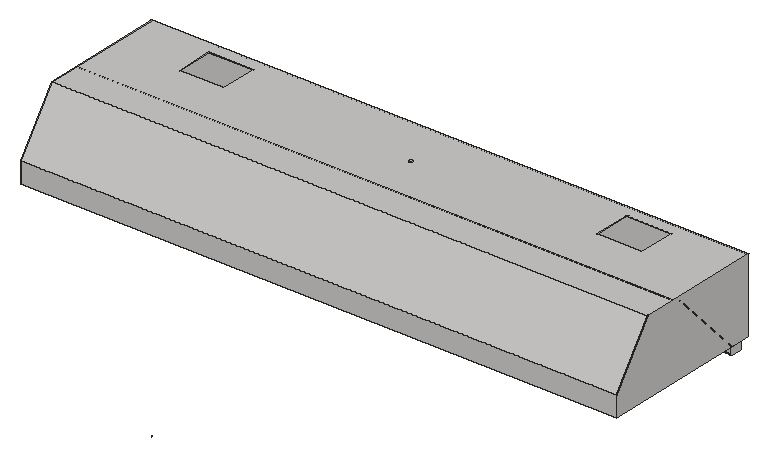
Revit family "QF_ELECTROLUXPROFESSIONAL_644227_ABPV1140BT", category Specialty Equipment, Revit 2014
Reference planes
  plane 1 "Center (Front/Back)": y = 0
  plane 2: z = 0
  plane 3 "Center (Left/Right)": x = 150
  plane 4 "LEFT": x = -1850
  plane 5 "RIGHT": x = 2150
  plane 6 "BACK": y = 550
  plane 7 "FRONT": y = -550
  plane 8 "TOP": z = 2500
  plane 9 "Base": z = 2000
  plane 10: z = 1926
  plane 11 "DrainY": y = 485
  plane 12: x = -1847
  plane 13: through (0, 414.509, 2000.8) normal (0, 0.7314, 0.682)
  plane 14: y = 470
  plane 15: y = 220
  plane 16 "DrainX": x = 2030
  plane 17: x = -1100
  plane 18: x = 1400
  plane 19: x = -1400
  plane 20: x = 1700
  plane 21: x = 2147
  plane 22: x = 1940
  plane 23: x = 2120
  plane 24: x = -1810
  plane 25: x = -1445
  plane 26: x = -1050
  plane 27: x = 2110
  plane 28: x = 1745
  plane 29: x = 1350
  plane 30: x = -47.5
  plane 31: x = 347.5
  plane 32: z = 2140
  plane 33: y = -289.2
Forms (mm)
  Extrusion 1, solid, material "QF_Finishes_Stainless Steel"
    sketch origin (-1850, 0, 360) x (0, 1, 0) y (0, 0, 1)
      loop
        line (550, 1640) -> (550, 2140) -> (-289.2, 2140) -> (-550, 1780) -> (-550, 1640) -> (550, 1640)
    from 0 to 3
  Extrusion 2, solid, material "QF_Finishes_Stainless Steel"
    sketch origin (150, 0, 360) x (0, 1, 0) y (0, 0, 1)
      loop
        line (415.255, 1640) -> (550, 1640) -> (550, 2139.19) -> (549.2, 2139.19) -> (549.2, 1640.8) -> (415.876, 1640.8) -> (339.347, 1722.867) -> (349.609, 1732.436) -> (348.927, 1733.167) -> (337.934, 1722.917) -> (415.255, 1640)
      loop
        line (-82.203, 2139.19) -> (-82.203, 2118.6) -> (-31.047, 2118.6) -> (34.354, 2048.466) -> (46.028, 2059.352) -> (45.346, 2060.083) -> (34.403, 2049.879) -> (-30.612, 2119.6) -> (-81.203, 2119.6) -> (-81.203, 2139.19) -> (-82.203, 2139.19)
    from -1997 to 1997
  Extrusion 3, solid, material "QF_Finishes_Stainless Steel"
    sketch origin (2150, 0, 360) x (0, 1, 0) y (0, 0, 1)
      loop
        line (550, 1640) -> (550, 2140) -> (-289.2, 2140) -> (-550, 1780) -> (-550, 1640) -> (550, 1640)
    from 0 to -3
  Extrusion 4, solid, material "QF_Finishes_Stainless Steel"
    sketch origin (150, 0, 360) x (0, 1, 0) y (0, 0, 1)
      loop
        line (550, 2139.19) -> (550, 2140) -> (-289.2, 2140) -> (-550, 1780) -> (-550, 1640) -> (-549.2, 1640) -> (-549.2, 1779.741) -> (-288.799, 2139.19) -> (550, 2139.19)
    from -2000 to 2000
  Extrusion 5, solid, material "QF_Finishes_Stainless Steel"
    sketch origin (150, 0, 360) x (0, 1, 0) y (0, 0, 1)
      loop
        line (534, 1640) -> (436, 1640) -> (436, 1627) -> (443.5, 1627) -> (443.5, 1576)
        arc (443.5, 1576) -> (446.429, 1568.929) -> (453.5, 1566) r 10
        line (453.5, 1566) -> (516.5, 1566)
        arc (516.5, 1566) -> (523.571, 1568.929) -> (526.5, 1576) r 10
        line (526.5, 1576) -> (526.5, 1627) -> (534, 1627) -> (534, 1640)
    from 1790 to 1970
  Extrusion 6, solid, material "QF_Finishes_Stainless Steel"
    sketch origin (0, 0, 2000) x (0, 1, 0) y (-1, 0, 0)
      loop
        circle (485, -2030) r 20
    from -76 to -74
  Extrusion 7, solid, material "QF_Finished_Chrome"
    sketch origin (150, 0, 360) x (0, 1, 0) y (0, 0, 1)
      loop
        line (337.934, 1722.917) -> (341.591, 1726.327) -> (38.011, 2051.876) -> (34.354, 2048.466) -> (337.934, 1722.917)
    from -1595 to -1960
  Extrusion 8, solid, material "QF_Finished_Chrome"
    sketch origin (150, 0, 360) x (0, 1, 0) y (0, 0, 1)
      loop
        line (337.934, 1722.917) -> (341.591, 1726.327) -> (38.011, 2051.876) -> (34.354, 2048.466) -> (337.934, 1722.917)
    from -197.5 to -1200
  Extrusion 9, solid, material "QF_Finishes_Stainless Steel"
    sketch origin (150, 0, 360) x (0, 1, 0) y (0, 0, 1)
      loop
        line (337.934, 1722.917) -> (341.591, 1726.327) -> (38.011, 2051.876) -> (34.354, 2048.466) -> (337.934, 1722.917)
    from 1997 to 1960
  Extrusion 10, solid, material "QF_Finishes_Stainless Steel"
    sketch origin (150, 0, 360) x (0, 1, 0) y (0, 0, 1)
      loop
        line (341.588, 1726.324) -> (38.009, 2051.874) -> (34.354, 2048.466) -> (337.934, 1722.917) -> (341.588, 1726.324)
    from -1595 to -1200
  Extrusion 11, solid, material "QF_Finished_Chrome"
    sketch origin (150, 0, 360) x (0, 1, 0) y (0, 0, 1)
      loop
        line (341.588, 1726.324) -> (38.009, 2051.874) -> (34.354, 2048.466) -> (337.934, 1722.917) -> (341.588, 1726.324)
    from 1595 to 1960
  Extrusion 12, void
    sketch origin (0, 0, 2500) x (0, 1, 0) y (-1, 0, 0)
      loop
        line (470, 1400) -> (220, 1400) -> (220, 1100) -> (470, 1100) -> (470, 1400)
    from 0 to -10
  Extrusion 13, void
    sketch origin (940, 0, 2500) x (0, 1, 0) y (-1, 0, 0)
      loop
        line (470, -460) -> (220, -460) -> (220, -760) -> (470, -760) -> (470, -460)
    from 0 to -10
  Extrusion 14, solid, material "QF_Finishes_Stainless Steel"
    sketch origin (0, 0, 0) x (1, 0, 0) y (0, 1, 0)
      loop
        line (-1850, 550) -> (-1850, 549) -> (-1849, 549) -> (-1849, 550) -> (-1850, 550)
    from 0 to 1
  Extrusion 15, solid, material "QF_Finishes_Stainless Steel"
    sketch origin (150, 0, 360) x (0, 1, 0) y (0, 0, 1)
      loop
        line (337.934, 1722.917) -> (341.591, 1726.327) -> (38.011, 2051.876) -> (34.354, 2048.466) -> (337.934, 1722.917)
    from -1960 to -1997
  Extrusion 16, solid, material "QF_Finishes_Stainless Steel"
    sketch origin (150, 0, 360) x (0, 1, 0) y (0, 0, -1)
      loop
        line (341.588, -1726.324) -> (337.934, -1722.917) -> (34.354, -2048.466) -> (38.009, -2051.874) -> (341.588, -1726.324)
    from -1595 to -1200
  Extrusion 17, solid, material "QF_Finished_Chrome"
    sketch origin (150, 0, 360) x (0, 1, 0) y (0, 0, 1)
      loop
        line (337.934, 1722.917) -> (341.591, 1726.327) -> (38.011, 2051.876) -> (34.354, 2048.466) -> (337.934, 1722.917)
    from 1200 to 197.5
  Extrusion 18, solid, material "QF_Finishes_Stainless Steel"
    sketch origin (150, 0, 360) x (0, 1, 0) y (0, 0, -1)
      loop
        line (341.588, -1726.324) -> (337.934, -1722.917) -> (34.354, -2048.466) -> (38.009, -2051.874) -> (341.588, -1726.324)
    from -197.5 to 197.5
  Extrusion 19, solid, material "QF_Finishes_Stainless Steel"
    sketch origin (0, 0, 2500) x (0, 1, 0) y (-1, 0, 0)
      loop
        circle (220, -150) r 10
    from 0 to 1.6
Cuts and joins
  Extrusion 12, Extrusion 13 cuts Extrusion 4
  joined: Extrusion 2, Extrusion 4
Lines and regions (mm)
  reference lines
    curve 1: line (150, 34.354, 2408.466) -> (150, 34.354, 2248.466)
  symbolic lines, style "SpecialityEquipment", detail levels coarse
    curve 2: line (2150, 550, 2500) -> (-1850, 550, 2500)
    curve 3: line (-1850, 550, 2500) -> (-1850, -550, 2500)
    curve 4: line (2150, -550, 2500) -> (2150, 550, 2500)
    curve 5: line (-1850, -550, 2500) -> (2150, -550, 2500)
    curve 6: line (-1400, 220, 2500) -> (-1100, 220, 2500)
    curve 7: line (-1400, 470, 2500) -> (-1400, 220, 2500)
    curve 8: line (-1100, 470, 2500) -> (-1400, 470, 2500)
    curve 9: line (-1100, 220, 2500) -> (-1100, 470, 2500)
    curve 10: line (1400, 470, 2500) -> (1400, 220, 2500)
    curve 11: line (1400, 220, 2500) -> (1700, 220, 2500)
    curve 12: line (1700, 470, 2500) -> (1400, 470, 2500)
    curve 13: line (1700, 220, 2500) -> (1700, 470, 2500)
    curve 14: line (-1850, -289.2, 0) -> (2150, -289.2, 0)
    curve 15: line (-1850, 550, 0) -> (2150, -289.2, 0)
    curve 16: line (2150, 550, 0) -> (-1850, -289.2, 0)
Dimensions and locks
  plane 4 "LEFT" to plane 5 "RIGHT" = 4000 mm
  equal spacing: plane 4 "LEFT", plane 3 "Center (Left/Right)", plane 5 "RIGHT"
  locked: plane 8 "TOP" to plane 9 "Base" at 500
  plane 9 "Base" to plane 10 = 74 mm
  plane 6 "BACK" to plane 11 "DrainY" = 65 mm  (x2)
  plane 4 "LEFT" to plane 12 = 3 mm
  plane 6 "BACK" to plane 14 = 80 mm
  plane 14 to plane 15 = 250 mm  (x2)
  plane 16 "DrainX" to plane 5 "RIGHT" = 120 mm
  locked: plane 17 to plane 18 at 2500
  equal spacing: plane 17, plane 3 "Center (Left/Right)", plane 18
  plane 19 to plane 17 = 300 mm
  plane 18 to plane 20 = 300 mm
  plane 21 to plane 5 "RIGHT" = 3 mm
  locked: plane 22 to plane 16 "DrainX" at 90
  locked: plane 16 "DrainX" to plane 23 at 90
  plane 6 "BACK" to plane 7 "FRONT" = 1100 mm  (x2)
  equal spacing: plane 6 "BACK", plane 1 "Center (Front/Back)", plane 7 "FRONT"
  plane 15 to plane 7 "FRONT" = 770 mm
  plane 14 to plane 6 "BACK" = 80 mm
  locked: plane 4 "LEFT" to plane 24 at 40
  locked: plane 24 to plane 25 at 365
  locked: plane 25 to plane 26 at 395
  locked: plane 27 to plane 28 at 365
  locked: plane 28 to plane 29 at 395
  locked: plane 27 to plane 5 "RIGHT" at 40
  locked: plane 30 to plane 31 at 395
  equal spacing: plane 30, plane 3 "Center (Left/Right)", plane 31
  plane 26 to plane 30 = 1002.5 mm
  plane 31 to plane 29 = 1002.5 mm
  plane 33 to plane 7 "FRONT" = 260.8 mm
  plane 32 to plane 9 "Base" = 140 mm
  locked: plane 9 "Base" to level at 2000
  aligned and locked: level to plane 2
  aligned and locked: Extrusion 2 to Extrusion 1
  aligned and locked: Extrusion 2 to Extrusion 3
  aligned and locked: plane 5 "RIGHT" to Extrusion 4
  aligned and locked: Extrusion 4 to plane 4 "LEFT"
  aligned and locked: plane 21 to Extrusion 9
  aligned and locked: plane 19 to Extrusion 12
  aligned and locked: Extrusion 12 to plane 17
  aligned and locked: Extrusion 12 to plane 15
  aligned and locked: Extrusion 12 to plane 14
  aligned and locked: Extrusion 13 to plane 20
  aligned and locked: plane 18 to Extrusion 13
  aligned and locked: plane 23 to Extrusion 5
  aligned and locked: Extrusion 5 to plane 22
  aligned and locked: Extrusion 9 to plane 27
  aligned and locked: Extrusion 11 to plane 27
  aligned and locked: Extrusion 11 to plane 28
  aligned and locked: Extrusion 8 to plane 26
  aligned and locked: plane 26 to Extrusion 10
  aligned and locked: Extrusion 10 to plane 25
  aligned and locked: plane 25 to Extrusion 7
  aligned and locked: Extrusion 7 to plane 24
  aligned and locked: Extrusion 15 to plane 12
  aligned and locked: plane 24 to Extrusion 15
  aligned and locked: Extrusion 16 to plane 29
  aligned and locked: Extrusion 16 to plane 28
  aligned and locked: Extrusion 3 to plane 21
  aligned and locked: plane 30 to Extrusion 8
  aligned and locked: Extrusion 17 to plane 29
  aligned and locked: Extrusion 17 to plane 31
  aligned and locked: plane 31 to Extrusion 18
  aligned and locked: Extrusion 18 to plane 30
Automatic sketch dimensions
  curve 5 to plane 4 "LEFT" = 0 mm
  curve 5 to plane 7 "FRONT" = 0 mm
  curve 9 to plane 15 = 0 mm
  curve 10 to plane 15 = 0 mm
  plane 14 to curve 8 = 0 mm
  plane 14 to curve 12 = 0 mm
  curve 3 to plane 6 "BACK" = 0 mm
  curve 5 to plane 5 "RIGHT" = 0 mm
  curve 11 to plane 20 = 0 mm
  curve 10 to plane 18 = 0 mm
  curve 6 to plane 17 = 0 mm
  curve 6 to plane 19 = 0 mm
  Extrusion 2 sketch curve to plane 13 = 0 mm  (x3)
  Extrusion 2 sketch curve to plane 9 "Base" = 0 mm
  plane 13 to Extrusion 2 sketch curve = 0 mm
  Extrusion 2 sketch curve to plane 6 "BACK" = 0 mm
  Extrusion 2 sketch curve to Extrusion 2 sketch curve = 65.646 mm
  Extrusion 2 sketch curve to Extrusion 2 sketch curve = 0.682 mm  (x2)
  Extrusion 2 sketch curve to Extrusion 2 sketch curve = 10.261 mm
  plane 9 "Base" to Extrusion 2 sketch curve = 82.917 mm
  Extrusion 2 sketch curve to plane 1 "Center (Front/Back)" = 46.028 mm
  Extrusion 2 sketch curve to Extrusion 2 sketch curve = 10.942 mm
  Extrusion 2 sketch curve to Extrusion 2 sketch curve = 0.049 mm
  Extrusion 2 sketch curve to plane 8 "TOP" = 20.4 mm
  Extrusion 2 sketch curve to plane 8 "TOP" = 21.4 mm
  Extrusion 2 sketch curve to plane 8 "TOP" = 0.81 mm  (x2)
  Extrusion 2 sketch curve to Extrusion 2 sketch curve = 50.156 mm
  Extrusion 2 sketch curve to Extrusion 2 sketch curve = 1 mm
  plane 9 "Base" to Extrusion 2 sketch curve = 0.8 mm
  Extrusion 2 sketch curve to plane 6 "BACK" = 0.8 mm
  Extrusion 3 sketch curve to plane 6 "BACK" = 0 mm
  curve 1 to plane 13 = 0 mm
  curve 1 to plane 1 "Center (Front/Back)" = 34.354 mm
  Extrusion 5 sketch curve to plane 9 "Base" = 0 mm
  Extrusion 5 sketch curve to plane 10 = 0 mm
  Extrusion 5 sketch curve to plane 9 "Base" = 13 mm  (x2)
  plane 14 to Extrusion 5 sketch curve = 34 mm
  Extrusion 5 sketch curve to Extrusion 5 sketch curve = 7.5 mm  (x2)
  Extrusion 5 sketch curve to Extrusion 5 sketch curve = 10 mm
  plane 11 "DrainY" to Extrusion 5 sketch curve = 31.5 mm
  Extrusion 5 sketch curve to plane 6 "BACK" = 23.5 mm
  Extrusion 6 sketch curve to plane 11 "DrainY" = 0 mm
  Extrusion 6 sketch curve to plane 16 "DrainX" = 0 mm
  Extrusion 7 sketch curve to plane 13 = 0 mm  (x2)
  Extrusion 7 sketch curve to plane 1 "Center (Front/Back)" = 34.354 mm
  Extrusion 7 sketch curve to Extrusion 7 sketch curve = 3.657 mm
  plane 9 "Base" to Extrusion 7 sketch curve = 82.917 mm
  Extrusion 8 sketch curve to plane 13 = 0 mm  (x2)
  Extrusion 8 sketch curve to plane 1 "Center (Front/Back)" = 34.354 mm
  Extrusion 8 sketch curve to Extrusion 8 sketch curve = 3.657 mm
  plane 9 "Base" to Extrusion 8 sketch curve = 82.917 mm
  Extrusion 9 sketch curve to plane 13 = 0 mm  (x2)
  Extrusion 9 sketch curve to plane 1 "Center (Front/Back)" = 34.354 mm
  Extrusion 9 sketch curve to Extrusion 9 sketch curve = 3.657 mm
  plane 9 "Base" to Extrusion 9 sketch curve = 82.917 mm
  Extrusion 10 sketch curve to plane 13 = 0 mm  (x2)
  Extrusion 10 sketch curve to plane 1 "Center (Front/Back)" = 34.354 mm
  Extrusion 10 sketch curve to Extrusion 10 sketch curve = 3.655 mm
  plane 9 "Base" to Extrusion 10 sketch curve = 82.917 mm
  Extrusion 11 sketch curve to plane 13 = 0 mm  (x2)
  Extrusion 11 sketch curve to plane 1 "Center (Front/Back)" = 34.354 mm
  Extrusion 11 sketch curve to Extrusion 11 sketch curve = 3.655 mm
  plane 9 "Base" to Extrusion 11 sketch curve = 82.917 mm
  Extrusion 12 sketch curve to plane 15 = 0 mm
  plane 14 to Extrusion 12 sketch curve = 0 mm
  Extrusion 12 sketch curve to plane 17 = 0 mm
  Extrusion 12 sketch curve to plane 19 = 0 mm
  Extrusion 13 sketch curve to plane 15 = 0 mm
  plane 14 to Extrusion 13 sketch curve = 0 mm
  Extrusion 13 sketch curve to plane 20 = 0 mm
  Extrusion 13 sketch curve to plane 18 = 0 mm
  Extrusion 14 sketch curve to plane 4 "LEFT" = 0 mm
  Extrusion 14 sketch curve to plane 6 "BACK" = 0 mm
  plane 4 "LEFT" to Extrusion 14 sketch curve = 1 mm
  Extrusion 14 sketch curve to Extrusion 14 sketch curve = 1 mm
  Extrusion 15 sketch curve to plane 13 = 0 mm  (x2)
  Extrusion 15 sketch curve to plane 1 "Center (Front/Back)" = 34.354 mm
  Extrusion 15 sketch curve to Extrusion 15 sketch curve = 3.657 mm
  plane 9 "Base" to Extrusion 15 sketch curve = 82.917 mm
  Extrusion 16 sketch curve to plane 13 = 0 mm  (x2)
  Extrusion 16 sketch curve to plane 1 "Center (Front/Back)" = 34.354 mm
  Extrusion 16 sketch curve to Extrusion 16 sketch curve = 3.655 mm
  plane 9 "Base" to Extrusion 16 sketch curve = 82.917 mm
  Extrusion 17 sketch curve to plane 13 = 0 mm  (x2)
  Extrusion 17 sketch curve to plane 1 "Center (Front/Back)" = 34.354 mm
  Extrusion 17 sketch curve to Extrusion 17 sketch curve = 3.657 mm
  plane 9 "Base" to Extrusion 17 sketch curve = 82.917 mm
  Extrusion 18 sketch curve to plane 13 = 0 mm  (x2)
  Extrusion 18 sketch curve to plane 1 "Center (Front/Back)" = 34.354 mm
  Extrusion 18 sketch curve to Extrusion 18 sketch curve = 3.655 mm
  plane 9 "Base" to Extrusion 18 sketch curve = 82.917 mm
  curve 1 to curve 1 = 160 mm
  Extrusion 4 sketch curve to plane 7 "FRONT" = 0 mm
  Extrusion 4 sketch curve to plane 8 "TOP" = 0 mm
  Extrusion 4 sketch curve to plane 33 = 0 mm
  Extrusion 4 sketch curve to plane 6 "BACK" = 0 mm
  Extrusion 4 sketch curve to plane 9 "Base" = 0 mm
  Extrusion 4 sketch curve to plane 32 = 0 mm
  Extrusion 4 sketch curve to plane 32 = 0.259 mm
  plane 7 "FRONT" to Extrusion 4 sketch curve = 0.8 mm
  Extrusion 4 sketch curve to Extrusion 4 sketch curve = 0.81 mm
  Extrusion 4 sketch curve to plane 33 = 0.401 mm
  Extrusion 1 sketch curve to plane 7 "FRONT" = 0 mm
  Extrusion 1 sketch curve to plane 8 "TOP" = 0 mm
  Extrusion 1 sketch curve to plane 33 = 0 mm
  Extrusion 1 sketch curve to plane 6 "BACK" = 0 mm
  Extrusion 1 sketch curve to plane 9 "Base" = 0 mm
  Extrusion 1 sketch curve to plane 32 = 0 mm
  Extrusion 3 sketch curve to plane 7 "FRONT" = 0 mm
  Extrusion 3 sketch curve to plane 33 = 0 mm
  Extrusion 3 sketch curve to plane 32 = 0 mm
  Extrusion 3 sketch curve to plane 9 "Base" = 0 mm
  Extrusion 3 sketch curve to plane 8 "TOP" = 0 mm
  curve 15 to plane 4 "LEFT" = 0 mm
  curve 14 to plane 4 "LEFT" = 0 mm
  curve 16 to plane 5 "RIGHT" = 0 mm
  curve 15 to plane 5 "RIGHT" = 0 mm
  plane 33 to curve 14 = 0 mm
  curve 16 to plane 6 "BACK" = 0 mm
  curve 15 to plane 6 "BACK" = 0 mm
  Extrusion 19 sketch curve to plane 3 "Center (Left/Right)" = 0 mm
  Extrusion 19 sketch curve to plane 15 = 0 mm
  radius of Extrusion 6 sketch curve = 20 mm
  radius of Extrusion 19 sketch curve = 10 mm
Connectors
  piping at (2030, 485, 1924), diameter 20
    settings: on Extrusion 6, index 1, connector inside diameter 609.6 mm, connector length 0 mm, flow factor 0, pipe flow 0.0 L/s, pressure drop 0.0 Pa, fitting loss kfactor 0, connector angle 0.00°, fixture units 0, engagement length 0 mm, angle of deflection 0.00°, flow configuration 1, flow direction 2, fitting loss method 0, system type 16, joint type 0, gender type 0, connector reference index -1, connector utility 0, adjustable connector no, is connector primary yes, connector description "Drain"
  hvac at (-1250, 345, 2500)
    settings: on Extrusion 12, index 2, duct flow 0.0 L/s, flow factor 0, pres drop 0.0 Pa, loss coef 0, conn angle 0.00°, conn width 250 mm, conn height 300 mm, conn diameter 609.6 mm, duct sys type 3, conn prof type 1, flow config 1, flow direction 0, loss method 0, conn ref index -1, conn util no, is conn primary yes, conn desc "EXHAUST OUTLET"
  hvac at (1550, 345, 2500)
    settings: on Extrusion 13, index 3, duct flow 0.0 L/s, flow factor 0, pres drop 0.0 Pa, loss coef 0, conn angle 0.00°, conn width 250 mm, conn height 300 mm, conn diameter 609.6 mm, duct sys type 3, conn prof type 1, flow config 1, flow direction 2, loss method 0, conn ref index -1, conn util no, is conn primary no, conn desc "EXHAUST OUTLET"
  electrical at (150, 220, 2501.6)
    settings: on Extrusion 19, index 4, voltage 0 V, apparent load 0 VA, apparent load phase1 0 VA, apparent load phase2 0 VA, apparent load phase3 0 VA, power factor 1, load classification "Other", number of poles 1, system type 30, power factor state 1, is connector primary yes, connector utility no, sub classification motor no, connector description "Electrical Connection"
